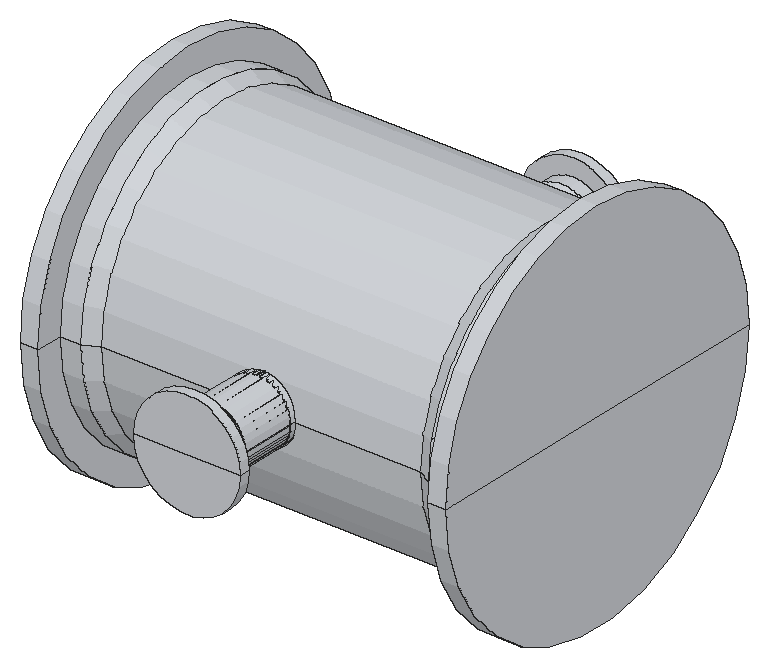
Revit family "48bef59c4b404e3fab99c51d0d6446fc", category Pipe Fittings, Revit 2021
Family settings
  Round Connector Dimension = Use Radius
  Part Type = Cross
  OmniClass Number = 23.60.30.11.14
  OmniClass Title = Pipework Fittings
  Seek Item ID = Tee - PVC - Sch 40-0000-USA-ENU
  Work Plane-Based = No
  Always vertical = Yes
  Cut with Voids When Loaded = No
  Shared = No
Parameters (values of type "Standard")
  Visibility 1 [instance] = and(Angle 1 = 90.00°, Angle 2 = 90.00°)  # yes
  Tick Size 3 [instance] = Fitting Outside Diameter 3 * 0.4  # 2.7600"
  Tick Size 2 [instance] = Fitting Outside Diameter 2 * 0.4  # 2.7600"
  Tick Size 1 [instance] = Fitting Outside Diameter 1 * 0.4  # 12.8000"
  Socket Outside Radius 3 [instance] = Socket Outside Diameter 3 / 2  # 3.8000"
  Socket Outside Radius 2 [instance] = Socket Outside Diameter 2 / 2  # 3.8000"
  Socket Outside Radius 1 [instance] = Socket Outside Diameter 1 / 2  # 16.7500"
  Socket Outside Diameter 3 [instance] = size_lookup(Lookup Table Name, "SOD", 1.08 * Nominal Diameter 3 + 1.1300", Nominal Diameter 3)  # 7.6000"
  Socket Outside Diameter 1 [instance] = size_lookup(Lookup Table Name, "SOD", 1.08 * Nominal Diameter 1 + 1.1300", Nominal Diameter 1)  # 33.5000"
  Socket Outside Diameter 2 [instance] = size_lookup(Lookup Table Name, "SOD", 1.08 * Nominal Diameter 2 + 1.1300", Nominal Diameter 2)  # 7.6000"
  Socket Depth 3 [instance] = if(Nominal Diameter 3 < 14.0000", 2.5000", if(Nominal Diameter 2 < 30.0000", 3.5000", 4.0000"))  # 2.5000"
  Socket Depth 2 [instance] = if(Nominal Diameter 2 < 14.0000", 2.5000", if(Nominal Diameter 2 < 30.0000", 3.5000", 4.0000"))  # 2.5000"
  Socket Depth 1 [instance] = if(Nominal Diameter 1 < 14.0000", 2.5000", if(Nominal Diameter 1 < 30.0000", 3.5000", 4.0000"))  # 4.0000"
  Nominal Radius 3 [instance] = 3.0000"
  Nominal Radius 2 [instance] = 3.0000"
  Nominal Diameter 3 [instance] = Nominal Radius 3 * 2  # 6.0000"
  Nominal Diameter 2 [instance] = Nominal Radius 2 * 2  # 6.0000"
  Min Nominal Diameter 23 [instance] = if(Nominal Diameter 2 < Nominal Diameter 3, Nominal Diameter 2, Nominal Diameter 3)  # 6.0000"
  Min Center to Socket Bottom 23 [instance] = if(Center to Socket Bottom 2 < Center to Socket Bottom 3, Center to Socket Bottom 2, Center to Socket Bottom 3)  # 23.0000"
  Max Nominal Diameter 23 [instance] = if(Nominal Diameter 2 > Nominal Diameter 3, Nominal Diameter 2, Nominal Diameter 3)  # 6.0000"
  Max Gland Width 23 [instance] = if(Gland Width 2 > Gland Width 3, Gland Width 2, Gland Width 3)  # 1.0600"
  Lookup Table Name = "Cross Reducing - MJ - DI - Class 250"
  Length 2 [instance] = Socket Depth 3 + Bevel Length 3  # 3.2000"
  Length 1 [instance] = Socket Depth 2 + Bevel Length 2  # 3.2000"
  Fitting Outside Radius 3 [instance] = Fitting Outside Diameter 3 / 2  # 3.4500"
  Fitting Outside Radius 2 [instance] = Fitting Outside Diameter 2 / 2  # 3.4500"
  Fitting Outside Radius 1 [instance] = Fitting Outside Diameter 1 / 2  # 16.0000"
  Fitting Outside Diameter 3 [instance] = size_lookup(Lookup Table Name, "FOD", 1.04 * Nominal Diameter 3 + 0.7000", Nominal Diameter 3)  # 6.9000"
  Fitting Outside Diameter 2 [instance] = size_lookup(Lookup Table Name, "FOD", 1.04 * Nominal Diameter 2 + 0.7000", Nominal Diameter 2)  # 6.9000"
  Fitting Outside Diameter 1 [instance] = size_lookup(Lookup Table Name, "FOD", 1.04 * Nominal Diameter 1 + 0.7000", Nominal Diameter 1)  # 32.0000"
  Nominal Radius 1 [instance] = 15.0000"
  Nominal Diameter 1 [instance] = Nominal Radius 1 * 2  # 30.0000"
  Loss Method = Not Defined
  K Coefficient Table = (empty or 0)
  Default Elevation = 0.0000"
  Bevel Length 3 [instance] = size_lookup(Lookup Table Name, "BvLgt", 0.04 * Nominal Diameter 3 + 0.4300", Nominal Diameter 3)  # 0.7000"
  Bevel Length 2 Label [instance] = if(not(Angle 2 = 90.00°), Center to End 2 Label - Length 1, Bevel Length 2)  # 0.7000"
  Bevel Length 2 [instance] = size_lookup(Lookup Table Name, "BvLgt", 0.04 * Nominal Diameter 2 + 0.4300", Nominal Diameter 2)  # 0.7000"
  Bevel Length 1 [instance] = size_lookup(Lookup Table Name, "BvLgt", 0.04 * Nominal Diameter 1 + 0.4300", Nominal Diameter 1)  # 1.5000"
  Center to Socket Bottom 3 [instance] = size_lookup(Lookup Table Name, "CtSB2", 4.9600" + 0.58 * Nominal Diameter 1 + 0.05 * Nominal Diameter 3, Nominal Diameter 1, Nominal Diameter 3)  # 23.0000"
  Center to Socket Bottom 2 [instance] = size_lookup(Lookup Table Name, "CtSB2", 4.9600" + 0.58 * Nominal Diameter 1 + 0.05 * Nominal Diameter 2, Nominal Diameter 1, Nominal Diameter 2)  # 23.0000"
  Center to Socket Bottom 1 [instance] = size_lookup(Lookup Table Name, "CtSB1", 4.6500" + 0.32 * Nominal Diameter 1 + 0.32 * Max Nominal Diameter 23, Nominal Diameter 1, Max Nominal Diameter 23)  # 18.0000"
  Center to End 3 [instance] = Center to Socket Bottom 3 + Socket Depth 3  # 25.5000"
  Max Center to End 23 [instance] = if(Center to End 2 > Center to End 3, Center to End 2, Center to End 3)  # 25.5000"
  Center to End 2 Label [instance] = if((Max Center to End 23 - Max Gland Width 23) * tan(Angle 5 / 2) > Gland Outside Radius 1, Max Center to End 23, Gland Outside Radius 1 / tan(Angle 5 / 2) + Max Gland Width 23)  # 25.5000"
  Center to End 2 [instance] = Center to Socket Bottom 2 + Socket Depth 2  # 25.5000"
  Center to End 1 Label [instance] = if((Max Center to End 23 - Max Gland Width 23) * tan(Angle 5 / 2) > Gland Outside Radius 1, Center to End 1, Gland Outside Radius 1 / tan(Angle 5 / 2) + Max Gland Width 23)  # 22.0000"
  Center to End 1 [instance] = Center to Socket Bottom 1 + Socket Depth 1  # 22.0000"
  Center Radius Label [instance] = if(Min Center to Socket Bottom 23 - Center Radius - Bevel Length 2 < 0.5000", Min Center to Socket Bottom 23 - Bevel Length 2 - 0.5000", Center Radius)  # 16.5000"
  Center Radius [instance] = size_lookup(Lookup Table Name, "CRad", 4.4800" + 0.3 * Nominal Diameter 1 + 0.33 * Max Nominal Diameter 23, Nominal Diameter 1, Max Nominal Diameter 23)  # 16.5000"
  Gland Width 3 [instance] = size_lookup(Lookup Table Name, "GWid", 0.03 * Nominal Diameter 3 + 0.9400", Nominal Diameter 3)  # 1.0600"
  Gland Width 2 [instance] = size_lookup(Lookup Table Name, "GWid", 0.03 * Nominal Diameter 2 + 0.9400", Nominal Diameter 2)  # 1.0600"
  Gland Width 1 [instance] = size_lookup(Lookup Table Name, "GWid", 0.03 * Nominal Diameter 1 + 0.9400", Nominal Diameter 1)  # 1.8100"
  Gland Outside Radius 3 [instance] = Gland Outside Diameter 3 / 2  # 5.5600"
  Gland Outside Radius 2 [instance] = Gland Outside Diameter 2 / 2  # 5.5600"
  Gland Outside Radius 1 [instance] = Gland Outside Diameter 1 / 2  # 19.5600"
  Gland Outside Diameter 3 [instance] = size_lookup(Lookup Table Name, "GOD", 1.16 * Nominal Diameter 3 + 4.0300", Nominal Diameter 3)  # 11.1200"
  Gland Outside Diameter 2 [instance] = size_lookup(Lookup Table Name, "GOD", 1.16 * Nominal Diameter 2 + 4.0300", Nominal Diameter 2)  # 11.1200"
  Gland Outside Diameter 1 [instance] = size_lookup(Lookup Table Name, "GOD", 1.16 * Nominal Diameter 1 + 4.0300", Nominal Diameter 1)  # 39.1200"
  Angle 5 [instance] = if(tan(Angle 3 / 2) > tan(Angle 4 / 2), Angle 4, Angle 3)  # 90.00°
  Angle 4 [instance] = if(Angle 2 > 90.00°, 180.00° - Angle 2, Angle 2)  # 90.00°
  Angle 3 [instance] = if(Angle 1 > 90.00°, 180.00° - Angle 1, Angle 1)  # 90.00°
  Angle 2 [instance] = 90.00°
  Angle 1 [instance] = 90.00°
Reference planes (in)
  plane 1 "Center (Front/Back)": y = 0
  plane 2: z = 0
  plane 3 "Center (Left/Right)": x = 0
  plane 4: y = -23
  plane 5: y = 19.56
  plane 6: y = 16.75
  plane 7: y = 16
  plane 8: x = -22
  plane 9: x = -20.19
  plane 10: x = -16.5
  plane 11: x = -18
  plane 12: x = 22
  plane 13: x = 20.19
  plane 14: x = 16.5
  plane 15: x = 18
  plane 16: y = -22.3
  plane 17: y = -16.5
  plane 18: x = -16.5
  plane 19: x = 16.5
  plane 20: z = 3.45
  plane 21: z = -3.45
  plane 22: y = 12.8
  plane 23: y = -12.8
  plane 24: y = 23
  plane 25: y = 22.3
  plane 26: y = 16.5
  plane 27: y = 12.8
  plane 28: z = 3.45
  plane 29: z = -3.45
Forms (in)
  Revolve 1, solid, detail levels fine
    sketch origin (0, 0, 0) x (1, 0, 0) y (0, 1, 0)
      loop
        line (-22, 0) -> (22, 0) -> (22, 19.56) -> (20.19, 19.56) -> (20.19, 16.75) -> (18, 16.75) -> (16.5, 16) -> (-16.5, 16) -> (-18, 16.75) -> (-20.19, 16.75) -> (-20.19, 19.56) -> (-22, 19.56) -> (-22, 0)
      axis (-22, 0) -> (22, 0)
    angle from 0 to 360
  Sweep 2, solid, visible <- "Visibility 1", detail levels fine
    path origin (0, 0, 0) x (1, 0, 0) y (0, 1, 0)
      loop
        arc (-16.5, 0) -> (-4.83274, -4.83274) -> (0, -16.5) r 16.5
        line (0, -16.5) -> (0, -22.3)
    profile origin (0, -16.5, 0) x (1, 0, 0) y (0, 0, 1)
      loop
        circle (0, 0) r 3.45
  Sweep 3, solid, visible <- "Visibility 1", detail levels fine
    path origin (0, 0, 0) x (-1, 0, 0) y (0, 1, 0)
      loop
        arc (-16.5, 0) -> (-4.83274, -4.83274) -> (0, -16.5) r 16.5
        line (0, -16.5) -> (0, -22.3)
    profile origin (0, -16.5, 0) x (1, 0, 0) y (0, 0, 1)
      loop
        circle (0, 0) r 3.45
  Extrusion 4, solid, visible <- "Visibility 1", detail levels fine
    sketch origin (0, 0, 0) x (1, 0, 0) y (0, 1, 0)
      loop
        arc (0, -16.5) -> (4.83274, -4.83274) -> (16.5, 0) r 16.5
        line (16.5, 0) -> (-16.5, 0)
        arc (-16.5, 0) -> (-4.83274, -4.83274) -> (0, -16.5) r 16.5
    from -3.45 to 3.45
  Sweep 5, solid, visible <- "Visibility 1", detail levels fine
    path origin (0, 0, 0) x (-1, 0, 0) y (0, -1, 0)
      loop
        arc (-16.5, 0) -> (-4.83274, -4.83274) -> (0, -16.5) r 16.5
    profile origin (0, 16.5, 0) x (-1, 0, 0) y (0, 0, 1)
      loop
        circle (0, 0) r 3.45
  Extrusion 6, solid, visible <- "Visibility 1", detail levels fine
    sketch origin (0, 0, 0) x (1, 0, 0) y (0, 1, 0)
      loop
        arc (0, 16.5) -> (-4.83274, 4.83274) -> (-16.5, 0) r 16.5
        line (-16.5, 0) -> (16.5, 0)
        arc (16.5, 0) -> (4.83274, 4.83274) -> (0, 16.5) r 16.5
    from -3.45 to 3.45
  Sweep 7, solid, visible <- "Visibility 1", detail levels fine
    path origin (0, 0, 0) x (1, 0, 0) y (0, -1, 0)
      loop
        arc (-16.5, 0) -> (-4.83274, -4.83274) -> (0, -16.5) r 16.5
    profile origin (0, 16.5, 0) x (-1, 0, 0) y (0, 0, 1)
      loop
        circle (0, 0) r 3.45
  Revolve 8, solid, detail levels fine
    sketch origin (0, 0, 0) x (0, -1, 0) y (1, 0, 0)
      loop
        line (25.5, 0) -> (0, 0) -> (0, -3.45) -> (22.3, -3.45) -> (23, -3.8) -> (24.44, -3.8) -> (24.44, -5.56) -> (25.5, -5.56) -> (25.5, 0)
      axis (0, 0) -> (25.5, 0)
    angle from 0 to 360
  Revolve 9, solid, detail levels fine
    sketch origin (0, 0, 0) x (0, 1, 0) y (-1, 0, 0)
      loop
        line (25.5, 0) -> (25.5, 5.56) -> (24.44, 5.56) -> (24.44, 3.8) -> (23, 3.8) -> (22.3, 3.45) -> (0, 3.45) -> (0, 0) -> (25.5, 0)
      axis (0, 0) -> (25.5, 0)
    angle from 0 to 360
Lines and regions (in)
  model lines, detail levels coarse+medium
    curve 1: line (-22, 12.8, 0) -> (-22, -12.8, 0)
    curve 2: line (22, 12.8, 0) -> (22, -12.8, 0)
    curve 6: line (-2.76, -25.5, 0) -> (2.76, -25.5, 0)
    curve 8: line (-2.76, 25.5, 0) -> (2.76, 25.5, 0)
  model lines, style "PipeFitting", detail levels coarse+medium
    curve 3: line (-22, 0, 0) -> (22, 0, 0)
    curve 7: line (0, 0, 0) -> (0, -25.5, 0)
    curve 9: line (0, 0, 0) -> (0, 25.5, 0)
  reference lines, not visible
    curve 4: line (0, 0, 0) -> (0, -25.5, 0)
    curve 5: line (0, 0, 0) -> (0, 25.5, 0)
Dimensions and locks (in)
  "Center to Socket Bottom 2": plane 4 to plane 1 "Center (Front/Back)"
  "Fitting Outside Radius 1": plane 7 to plane 1 "Center (Front/Back)"
  "Socket Outside Radius 1": plane 6 to plane 1 "Center (Front/Back)"
  "Gland Outside Radius 1": plane 5 to plane 1 "Center (Front/Back)"
  "Gland Width 1": plane 8 to plane 9
  "Socket Depth 1": plane 8 to plane 11
  "Bevel Length 1": plane 11 to plane 10
  "Gland Width 1": plane 12 to plane 13
  "Socket Depth 1": plane 12 to plane 15
  "Bevel Length 1": plane 14 to plane 15
  "Bevel Length 2": plane 16 to plane 4
  "Center Radius Label": plane 1 "Center (Front/Back)" to plane 17
  "Center Radius Label": plane 18 to plane 3 "Center (Left/Right)"
  "Center Radius Label": plane 3 "Center (Left/Right)" to plane 19
  "Fitting Outside Radius 2": plane 20 to plane 2
  "Fitting Outside Radius 2": plane 21 to level
  "Tick Size 1": plane 1 "Center (Front/Back)" to plane 23
  "Tick Size 1": plane 22 to plane 1 "Center (Front/Back)"
  "Center to Socket Bottom 3": plane 24 to plane 1 "Center (Front/Back)"
  "Bevel Length 3": plane 25 to plane 24
  "Center Radius Label": plane 1 "Center (Front/Back)" to plane 26
  "Tick Size 1": plane 1 "Center (Front/Back)" to plane 27
  "Fitting Outside Radius 3": plane 2 to plane 29
  "Fitting Outside Radius 3": plane 28 to plane 2
  "Center to End 1 Label": plane 8 to plane 3 "Center (Left/Right)"
  "Center to End 1 Label": plane 3 "Center (Left/Right)" to plane 12
  "Center to End 2 Label": curve 4 to curve 4
  "Center to End 2 Label": curve 5 to curve 5
  "Tick Size 2": curve 6 to curve 4
  "Tick Size 2": curve 4 to curve 6
  "Center to End 2 Label": curve 7 to curve 7
  "Center to End 2 Label": Revolve 8 sketch curve to Revolve 8 sketch curve
  "Gland Outside Radius 2": Revolve 8 sketch curve to Revolve 8 sketch curve
  "Socket Outside Radius 2": Revolve 8 sketch curve to Revolve 8 sketch curve
  "Gland Width 2": Revolve 8 sketch curve to Revolve 8 sketch curve
  "Socket Depth 2": Revolve 8 sketch curve to Revolve 8 sketch curve
  "Fitting Outside Radius 2": Revolve 8 sketch curve to Revolve 8 sketch curve
  "Length 1": Revolve 8 sketch curve to Revolve 8 sketch curve
  "Tick Size 3": curve 8 to curve 5
  "Tick Size 3": curve 5 to curve 8
  "Center to End 2 Label": curve 9 to curve 9
  "Center to End 2 Label": Revolve 9 sketch curve to Revolve 9 sketch curve
  "Socket Outside Radius 3": Revolve 9 sketch curve to Revolve 9 sketch curve
  "Gland Outside Radius 3": Revolve 9 sketch curve to Revolve 9 sketch curve
  "Fitting Outside Radius 3": Revolve 9 sketch curve to Revolve 9 sketch curve
  "Gland Width 3": Revolve 9 sketch curve to Revolve 9 sketch curve
  "Socket Depth 3": Revolve 9 sketch curve to Revolve 9 sketch curve
  "Length 2": Revolve 9 sketch curve to Revolve 9 sketch curve
  "Center Radius Label": radius of Sweep 2 sketch curve
  "Fitting Outside Radius 2": radius of Sweep 2 sketch curve
  "Center Radius Label": radius of Sweep 3 sketch curve
  "Fitting Outside Radius 2": radius of Sweep 3 sketch curve
  "Center Radius Label": radius of Extrusion 4 sketch curve  (x2)
  "Center Radius Label": radius of Sweep 5 sketch curve
  "Fitting Outside Radius 3": radius of Sweep 5 sketch curve
  "Center Radius Label": radius of Extrusion 6 sketch curve  (x2)
  "Center Radius Label": radius of Sweep 7 sketch curve
  "Fitting Outside Radius 3": radius of Sweep 7 sketch curve
  "Angle 1": angle curve 4 to plane 1 "Center (Front/Back)"
  "Angle 2": angle plane 1 "Center (Front/Back)" to curve 5
  locked: curve 4 to curve 6 (angle 90.00°)
  "Angle 1": angle curve 7 to plane 1 "Center (Front/Back)"
  "Angle 1": angle Revolve 8 sketch curve to plane 1 "Center (Front/Back)"
  locked: curve 5 to curve 8 (angle 90.00°)
  "Angle 2": angle plane 1 "Center (Front/Back)" to curve 9
  "Angle 2": angle plane 1 "Center (Front/Back)" to Revolve 9 sketch curve
  aligned and locked: plane 1 "Center (Front/Back)" to Revolve 1 sketch curve
  aligned and locked: plane 8 to Revolve 1 sketch curve
  aligned and locked: Revolve 1 sketch curve to plane 5
  aligned and locked: plane 5 to Revolve 1 sketch curve
  aligned and locked: Revolve 1 sketch curve to plane 7
  aligned and locked: Revolve 1 sketch curve to plane 6  (x2)
  aligned and locked: plane 13 to Revolve 1 sketch curve
  aligned and locked: Revolve 1 sketch curve to plane 12
  aligned and locked: Revolve 1 sketch curve to plane 9
  aligned and locked: Revolve 1 sketch curve to Revolve 1 sketch curve
  aligned and locked: plane 11 to Revolve 1 sketch curve
  aligned and locked: plane 10 to Revolve 1 sketch curve
  aligned and locked: Revolve 1 sketch curve to plane 14
  aligned and locked: Revolve 1 sketch curve to plane 15
  aligned and locked: plane 17 to Sweep 2 sketch curve
  aligned and locked: plane 18 to Sweep 2 sketch curve
  aligned and locked: plane 19 to Sweep 3 sketch curve
  aligned and locked: plane 17 to Sweep 3 sketch curve
  aligned and locked: plane 18 to Extrusion 4 sketch curve  (x2)
  aligned and locked: plane 17 to Extrusion 4 sketch curve  (x3)
  aligned and locked: plane 19 to Extrusion 4 sketch curve  (x2)
  aligned and locked: plane 1 "Center (Front/Back)" to Extrusion 4 sketch curve
  aligned and locked: plane 21 to Extrusion 4
  aligned and locked: plane 20 to Extrusion 4
  aligned and locked: plane 23 to curve 2
  aligned and locked: plane 22 to curve 2
  aligned and locked: curve 2 to plane 12
  aligned and locked: plane 23 to curve 1
  aligned and locked: plane 22 to curve 1
  aligned and locked: curve 1 to plane 8
  aligned and locked: plane 1 "Center (Front/Back)" to curve 3
  aligned and locked: plane 8 to curve 3
  aligned and locked: plane 12 to curve 3
  aligned and locked: plane 29 to Extrusion 6
  aligned and locked: plane 28 to Extrusion 6
  aligned and locked: plane 16 to Sweep 2 sketch curve
  aligned and locked: plane 3 "Center (Left/Right)" to curve 5
  aligned and locked: plane 1 "Center (Front/Back)" to curve 5
  aligned and locked: curve 6 to curve 4
  aligned and locked: plane 3 "Center (Left/Right)" to curve 7
  aligned and locked: plane 1 "Center (Front/Back)" to curve 7
  aligned and locked: plane 3 "Center (Left/Right)" to Revolve 8 sketch curve
  aligned and locked: plane 1 "Center (Front/Back)" to Revolve 8 sketch curve
  aligned and locked: Revolve 8 sketch curve to Revolve 8 sketch curve  (x3)
  aligned and locked: curve 8 to curve 5
  aligned and locked: plane 3 "Center (Left/Right)" to curve 9
  aligned and locked: plane 3 "Center (Left/Right)" to Revolve 9 sketch curve
  aligned and locked: plane 1 "Center (Front/Back)" to Revolve 9 sketch curve
  aligned and locked: Revolve 9 sketch curve to Revolve 9 sketch curve  (x3)
  aligned and locked: plane 16 to Sweep 3 sketch curve
Automatic sketch dimensions
  Revolve 1 sketch curve to plane 8 = 1.01143"
  Revolve 1 sketch curve to plane 12 = 1.76143"
  Sweep 2 sketch curve to level = 0.0000"
  profile plane to Sweep 2 sketch curve = 0.0000"
  Sweep 3 sketch curve to level = 0.0000"
  profile plane to Sweep 3 sketch curve = 0.0000"
  Sweep 5 sketch curve to level = 0.0000"
  Sweep 5 sketch curve to profile plane = 0.0000"
  plane 1 "Center (Front/Back)" to Extrusion 6 sketch curve = 0.0000"
  Extrusion 6 sketch curve to plane 18 = 0.0000"
  Extrusion 6 sketch curve to plane 3 "Center (Left/Right)" = 0.0000"
  Sweep 7 sketch curve to level = 0.0000"
  Sweep 7 sketch curve to profile plane = 0.0000"
  plane 1 "Center (Front/Back)" to Sweep 7 sketch curve = 0.0000"
  plane 1 "Center (Front/Back)" to Sweep 5 sketch curve = 0.0000"
  Sweep 5 sketch curve to plane 19 = 0.0000"
  Sweep 7 sketch curve to plane 18 = 0.0000"
Connectors (in)
  piping at (-22, 0, 0), diameter 30, driven by "Nominal Radius 1"
    settings: on Revolve 1, index 1, connector inside diameter 30.0000", connector length 0.0000", flow factor 0, pipe flow 0 GPM, pressure drop 0.00 psi, fitting loss kfactor 0, connector angle 0.00°, fixture units 0, engagement length 0.0000", angle of deflection 0.00°, flow configuration 0, flow direction 0, fitting loss method 0, system type 28, joint type 0, gender type 0, connector reference index 2, connector utility 0, adjustable connector no, is connector primary yes, connector description ""
  piping at (22, 0, 0), diameter 30, driven by "Nominal Radius 1"
    settings: on Revolve 1, index 2, connector inside diameter 30.0000", connector length 0.0000", flow factor 0, pipe flow 0 GPM, pressure drop 0.00 psi, fitting loss kfactor 0, connector angle 0.00°, fixture units 0, engagement length 0.0000", angle of deflection 0.00°, flow configuration 0, flow direction 0, fitting loss method 0, system type 28, joint type 0, gender type 0, connector reference index 1, connector utility 0, adjustable connector no, is connector primary no, connector description ""
  piping at (0, -25.5, 0), diameter 6, driven by "Nominal Radius 2", driven by "Angle 1"
    settings: on Revolve 8, index 3, connector inside diameter 6.0000", connector length 0.0000", flow factor 0, pipe flow 0 GPM, pressure drop 0.00 psi, fitting loss kfactor 0, connector angle 90.00°, fixture units 0, engagement length 0.0000", angle of deflection 0.00°, flow configuration 0, flow direction 0, fitting loss method 0, system type 28, joint type 0, gender type 0, connector reference index 4, connector utility 0, adjustable connector no, is connector primary no, connector description ""
  piping at (0, 25.5, 0), diameter 6, driven by "Angle 2", driven by "Nominal Radius 3"
    settings: on Revolve 9, index 4, connector inside diameter 6.0000", connector length 0.0000", flow factor 0, pipe flow 0 GPM, pressure drop 0.00 psi, fitting loss kfactor 0, connector angle 90.00°, fixture units 0, engagement length 0.0000", angle of deflection 0.00°, flow configuration 0, flow direction 0, fitting loss method 0, system type 28, joint type 0, gender type 0, connector reference index 3, connector utility 0, adjustable connector no, is connector primary no, connector description ""
